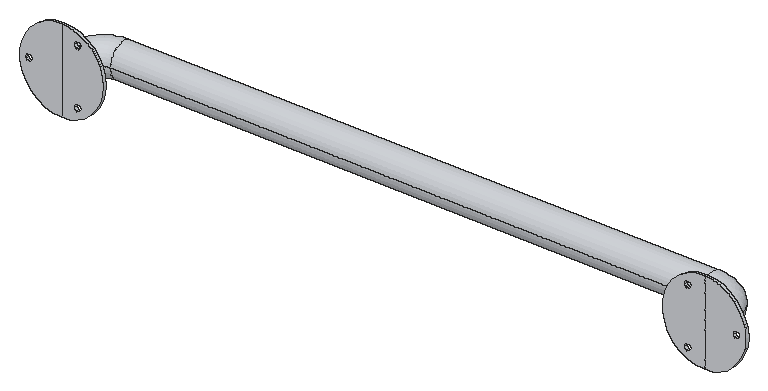
Revit family "Krome C9071-C9076 Series", category Plumbing Fixtures, Revit 2018
Family settings
  Round Connector Dimension = Use Diameter
  Part Type = Normal
  Work Plane-Based = No
  Always vertical = Yes
  Cut with Voids When Loaded = No
  Shared = No
  Room Calculation Point = No
Parameters (values of type "C9076-48" Commercial Peened Wall Mount Grab Bars")
  tube dia 2 [instance] = 0' - 2.52"
  base depth [instance] = 0' - 1"
  Weight (lbs) = "2.85"
  URL = "https://kromedispense.co.in/"
  Tube Dia [instance] = 0' - 1"
  Model = "C9076 Series"
  Grab Bar space [instance] = 0' - 2 3/4"
  Grab Bar Material [instance] = Steel, Mild
  Grab Bar Length = 4' - 0"
Types (6): name | Weight (lbs) | Model | Grab Bar Length
  C9071-9" Commercial Peened Wall Mount Grab Bars | ".84" | "C9071 Series" | 0' - 9"
  C9072-12" Commercial Peened Wall Mount Grab Bars | "0.99" | "C9072 Series" | 1' - 0"
  C9073-18" Commercial Peened Wall Mount Grab Bars | "1.30" | "C9073 Series" | 1' - 6"
  C9074-24" Commercial Peened Wall Mount Grab Bars | "1.61" | "C9074 Series" | 2' - 0"
  C9075-36" Commercial Peened Wall Mount Grab Bars | "2.23" | "C9075 Series" | 3' - 0"
  C9076-48" Commercial Peened Wall Mount Grab Bars | "2.85" | "C9076 Series" | 4' - 0"
Reference planes (in)
  plane 1: y = 33.3
  plane 2 "Center (Left/Right)": x = 0
  plane 3 "Wall Edge": y = 6.05
  plane 4 "Grab Bar hight": z = 30
  plane 5 "point 1": x = -48
  plane 6 "WALL FACE": y = 3.8
  plane 7 "Base Depth": y = 4.8
  plane 8: x = -50
  plane 9: x = 2
  plane 10 "bar offcet c/c": y = 7.3
Forms (in)
  Sweep 1, solid
    path origin (0, -0.2499, 0) x (1, 0, 0) y (0, 1, 0)
      loop
        line (-48, 4.32422) -> (-48, 5.3)
        arc (-48, 5.3) -> (-47.41421, 6.71421) -> (-46, 7.3) r 2
        line (-46, 7.3) -> (-2, 7.3)
        arc (-2, 7.3) -> (-0.58579, 6.71421) -> (0, 5.3) r 2
        line (0, 5.3) -> (0, 4.32422)
    profile origin (-24, 7.0501, 0) x (0, 1, 0) y (0, 0, 1)
      loop
        circle (0, 30) r 1.25
  Revolve 2, solid
    sketch origin (-48, 0, 0) x (0, 1, 0) y (0, 0, 1)
      loop
        line (3.9875, 31.72103) -> (3.9875, 33.13) -> (3.8, 33.13) -> (3.8, 30) -> (4.07432, 30) -> (4.07432, 31.22863)
        arc (4.07432, 31.22863) -> (4.05985, 31.47993) -> (3.9875, 31.72103) r 1.0782
      axis (3.8, 30) -> (4.07432, 30)
    angle from 0 to 360
  Revolve 3, solid
    sketch origin (0, 0, 0) x (0, 1, 0) y (0, 0, 1)
      loop
        line (3.9875, 31.72103) -> (3.9875, 33.13) -> (3.8, 33.13) -> (3.8, 30) -> (4.07432, 30) -> (4.07432, 31.22863)
        arc (4.07432, 31.22863) -> (4.05985, 31.47993) -> (3.9875, 31.72103) r 1.0782
      axis (3.8, 30) -> (4.07432, 30)
    angle from 0 to 360
  Extrusion 4, void
    sketch origin (0, 6.05, 0) x (1, 0, 0) y (0, 0, 1)
      loop
        circle (2.42552, 30) r 0.25
      loop
        circle (-1.21276, 27.89944) r 0.25
      loop
        circle (-1.21276, 32.10056) r 0.25
      loop
        circle (-50.42552, 30) r 0.25
      loop
        circle (-46.78724, 32.10056) r 0.25
      loop
        circle (-46.78724, 27.89944) r 0.25
    from 0 to 12
Cuts and joins
  Extrusion 4 cuts Revolve 2
  Extrusion 4 cuts Revolve 3
Text (in)
  text "Placement Side" at (0, 40.15149, 123.01588), in view "Right"
  text "Placement Side" at (-70.3804, 28.46503, 0), in view "Ref. Level"
  text "Placement Side" at (0, 81.62555, 140.59947), in view "Left"
Dimensions and locks (in)
  "Grab Bar Length": plane 5 "point 1" to plane 2 "Center (Left/Right)"
  "base depth": plane 6 "WALL FACE" to plane 7 "Base Depth"
  locked: plane 5 "point 1" to plane 8 at 2
  locked: plane 9 to plane 2 "Center (Left/Right)" at 2
Automatic sketch dimensions
  Sweep 1 sketch curve to plane 5 "point 1" = 0' - 0"
  Sweep 1 sketch curve to plane 10 "bar offcet c/c" = 0' - 0.2499"
  Sweep 1 sketch curve to plane 2 "Center (Left/Right)" = 0' - 0"
  plane 5 "point 1" to Sweep 1 sketch curve = 0' - 2"
  Sweep 1 sketch curve to plane 7 "Base Depth" = 0' - 0.2501"
  plane 7 "Base Depth" to Sweep 1 sketch curve = 0' - 0.72568"  (x2)
  Sweep 1 sketch curve to profile plane = 0' - 0"
  profile plane to Sweep 1 sketch curve = 2' - 6"
  Revolve 2 sketch curve to plane 4 "Grab Bar hight" = 0' - 0"  (x2)
  Revolve 2 sketch curve to plane 6 "WALL FACE" = 0' - 0"  (x2)
  plane 6 "WALL FACE" to Revolve 2 sketch curve = 0' - 0.80197"
  Revolve 2 sketch curve to plane 6 "WALL FACE" = 0' - 0 3/16"
  Revolve 2 sketch curve to plane 6 "WALL FACE" = 0' - 0.27432"
  plane 4 "Grab Bar hight" to Revolve 2 sketch curve = 0' - 1.22863"
  Revolve 2 sketch curve to Revolve 2 sketch curve = 0' - 0.06408"
  Revolve 2 sketch curve to Revolve 2 sketch curve = 0' - 1.40897"
  Revolve 2 sketch curve to plane 7 "Base Depth" = 0' - 0.4033"
  Revolve 3 sketch curve to plane 4 "Grab Bar hight" = 0' - 0"  (x2)
  Revolve 3 sketch curve to plane 6 "WALL FACE" = 0' - 0"  (x2)
  plane 6 "WALL FACE" to Revolve 3 sketch curve = 0' - 0.80197"
  Revolve 3 sketch curve to plane 6 "WALL FACE" = 0' - 0 3/16"
  Revolve 3 sketch curve to plane 6 "WALL FACE" = 0' - 0.27432"
  Revolve 3 sketch curve to Revolve 3 sketch curve = 0' - 1.22863"
  Revolve 3 sketch curve to Revolve 3 sketch curve = 0' - 0.06408"
  Revolve 3 sketch curve to Revolve 3 sketch curve = 0' - 1.40897"
  Revolve 3 sketch curve to plane 7 "Base Depth" = 0' - 0.4033"
  Extrusion 4 sketch curve to plane 4 "Grab Bar hight" = 0' - 0"  (x2)
  Extrusion 4 sketch curve to plane 8 = 0' - 0.42552"
  plane 5 "point 1" to Extrusion 4 sketch curve = 0' - 1.21276"  (x2)
  plane 9 to Extrusion 4 sketch curve = 0' - 0.42552"
  Extrusion 4 sketch curve to plane 4 "Grab Bar hight" = 0' - 2.10056"  (x2)
  plane 4 "Grab Bar hight" to Extrusion 4 sketch curve = 0' - 2.10056"  (x2)
  Extrusion 4 sketch curve to plane 2 "Center (Left/Right)" = 0' - 1.21276"  (x2)
  radius of Sweep 1 sketch curve = 0' - 1 1/4"
  radius of Extrusion 4 sketch curve = 0' - 0 1/4"  (x6)
